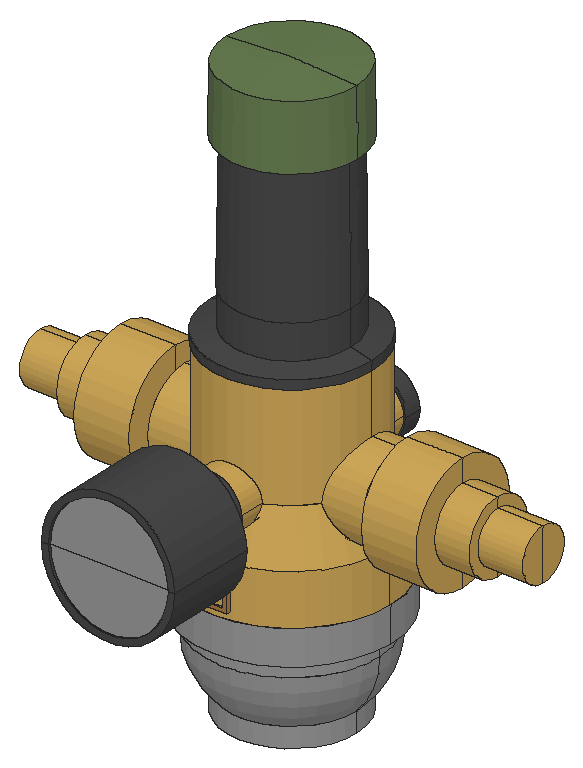
Revit family "Druckminderer mit Kunststoffkappe 2682", category Rohrzubehör, Revit 2020
Family settings
  Bemaßung runder Anschluss = Durchmesser verwenden
  Teiletyp = Unterbricht
  OmniClass-Nummer = 23.65.55.14
  OmniClass-Titel = Valves for Liquid Services
  Arbeitsebenenbasiert = Nein
  Immer vertikal = Ja
  Beim Laden mit Abzugskörper schneiden = Nein
  Gemeinsam genutzt = Nein
Parameters (values of type "Manometer vorne")
  Werkseinstellung (sekundärseitig) = 300000.0 Pa  # constant formula
  W01 = 91.00°  # constant formula
  Vorne [instance] = yes
  Vorgabe-Ansicht = 0.000 mm
  VRL03 [instance] = size_lookup("2682_K_", "VRL3", 1.000 mm, Nennweite)  # 23.500 mm
  VRL02 [instance] = size_lookup("2682_K_", "VRL2", 1.000 mm, Nennweite)  # 16.000 mm
  VRL01 [instance] = size_lookup("2682_K_", "VRL1", 1.000 mm, Nennweite)  # 73.500 mm
  VRD02 [instance] = size_lookup("2682_K_", "VRD2", 1.000 mm, Nennweite)  # 17.000 mm
  VRD01 [instance] = size_lookup("2682_K_", "VRD1", 1.000 mm, Nennweite)  # 10.500 mm
  VRAG [instance] = Nennweite / 2  # 7.500 mm
  URL = "www.herz-armaturen.at"
  Standard = "EN 1567"  # constant formula
  SC_NennweiteBerechnet = 0
  SC_Dimension = ""
  SCTWSEQ = "AW;SBT_TYP_AW=\"111\";2"
  SCTWCODE = "04;24;02"  # constant formula
  S02 = 10.000 mm  # constant formula
  S01 [instance] = VRD02 * 2  # 34.000 mm
  R07 [instance] = R05 + 0.800 mm  # 9.300 mm
  R06 = 19.500 mm  # constant formula
  R05 [instance] = size_lookup("2682_K_", "R5", 1.000 mm, Nennweite)  # 8.500 mm
  R04 [instance] = size_lookup("2682_K_", "R4", 1.000 mm, Nennweite)  # 18.900 mm
  R03 [instance] = size_lookup("2682_K_", "R3", 1.000 mm, Nennweite)  # 19.250 mm
  R02 [instance] = size_lookup("2682_K_", "R2", 1.000 mm, Nennweite)  # 28.750 mm
  R01 [instance] = size_lookup("2682_K_", "R1", 1.000 mm, Nennweite)  # 23.250 mm
  Oberteile = "PA6.6"  # constant formula
  Nennweite [instance] = 15.000 mm
  Membrane = "EPDM"  # constant formula
  Medium = "Wasser"  # constant formula
  Max. Vordruck (primärseitig) = 1600000.0 Pa  # constant formula
  Max. Betriebstemperatur = 40 °C  # constant formula
  Maschenweite Filter = "0.3 mm"  # constant formula
  Manometerskala = "0 - 10 bar"  # constant formula
  Manometeranschluss (beidseitig) = "1/4\" F (ISO 228-1)"
  LO01 [instance] = H02 - 2.000 mm  # 27.000 mm
  L01 [instance] = size_lookup("2682_K_", "L1", 1.000 mm, Nennweite)  # 10.600 mm
  L00 [instance] = size_lookup("2682_K_", "L", 1.000 mm, Nennweite)  # 84.000 mm
  Kappe = "PA12, transparent"  # constant formula
  Holländeranschlüsse = "Messing CW617N"  # constant formula
  Hinweis = "Gemäß Art 33 der REACH-Verordnung (EG Nr. 1907/2006) sind wir verpflichtet, darauf hinzuweisen, dass der Stoff Blei auf der SVHC-Liste geführt wird und dass alle aus Messing bestehenden Bauteile, die in unseren Erzeugnissen verarbeitet sind, mehr als 0,1 % (w/w) Blei (CAS: 7439-92-1 / EINECS: 231-100-4) enthalten.\r\nDa Blei als Legierungsbestandteil fest gebunden ist, sind keine Expositionen zu erwarten und daher sind keine zusätzlichen Angaben zur sicheren Verwendung notwendig."
  Hinten [instance] = no
  Hersteller = "HERZ Armaturen Ges.m.b.H."  # constant formula
  Handgriff = "PA 6.6, grün"  # constant formula
  H12 [instance] = size_lookup("2682_K_", "H12", 1.000 mm, Nennweite)  # 5.800 mm
  H11 [instance] = size_lookup("2682_K_", "H11", 1.000 mm, Nennweite)  # 10.000 mm
  H10 [instance] = size_lookup("2682_K_", "H10", 1.000 mm, Nennweite)  # 37.000 mm
  H09 [instance] = H01 + H04 - H05  # 84.500 mm
  H08 [instance] = size_lookup("2682_K_", "H8", 1.000 mm, Nennweite)  # 20.000 mm
  H07 [instance] = size_lookup("2682_K_", "H7", 1.000 mm, Nennweite)  # 10.000 mm
  H06 [instance] = size_lookup("2682_K_", "H6", 1.000 mm, Nennweite)  # 2.500 mm
  H05 [instance] = size_lookup("2682_K_", "H5", 1.000 mm, Nennweite)  # 4.700 mm
  H04 [instance] = size_lookup("2682_K_", "H4", 1.000 mm, Nennweite)  # 58.700 mm
  H03 [instance] = D02 + 1.000 mm  # 14.220 mm
  H02 [instance] = size_lookup("2682_K_", "H2", 1.000 mm, Nennweite)  # 29.000 mm
  H01 [instance] = size_lookup("2682_K_", "H1", 1.000 mm, Nennweite)  # 30.500 mm
  Gehäuse (DN32-DN50) = "Gussmessing (EN 1982; CC770S)"  # constant formula
  Gehäuse (DN15-DN25) = "geschmiedetes Messing (EN 12165; CW626N)"  # constant formula
  GT1 [instance] = size_lookup("2682_K_", "GT1", 1.000 mm, Nennweite)  # 12.000 mm
  GT [instance] = size_lookup("2682_K_", "GT", 1.000 mm, Nennweite)  # 13.200 mm
  Filter = "Edelstahl"  # constant formula
  Federführung = "Edelstahl"  # constant formula
  Feder = "Federstahl"  # constant formula
  Einstellbereich (sekundärseitig) = "1.5 - 6 bar"  # constant formula
  Dichtung im Druckreduziererelement = "EPDM"  # constant formula
  Dichtung der Holländeranschlüsse = "Klingersil C-4324"  # constant formula
  D09 [instance] = size_lookup("2682_K_", "D9", 1.000 mm, Nennweite)  # 19.000 mm
  D08 [instance] = size_lookup("2682_K_", "D8", 1.000 mm, Nennweite)  # 25.800 mm
  D07 [instance] = size_lookup("2682_K_", "D7", 1.000 mm, Nennweite)  # 29.000 mm
  D06 [instance] = size_lookup("2682_K_", "D6", 1.000 mm, Nennweite)  # 16.000 mm
  D05 [instance] = size_lookup("2682_K_", "D5", 1.000 mm, Nennweite)  # 16.800 mm
  D04 [instance] = size_lookup("2682_K_", "D4", 1.000 mm, Nennweite)  # 17.300 mm
  D03 [instance] = size_lookup("2682_K_", "D3", 1.000 mm, Nennweite)  # 23.500 mm
  D02 [instance] = size_lookup("2682_K_", "D2", 1.000 mm, Nennweite)  # 13.220 mm
  D01 [instance] = size_lookup("2682_K_", "D1", 1.000 mm, Nennweite)  # 9.525 mm
  Bestellnummer [instance] = size_lookup("2682_K_", "Artnr", 0, Nennweite)  # 1268211
  B03 = 5.000 mm  # constant formula
  B02 = 26.000 mm  # constant formula
  B01 [instance] = size_lookup("2682_K_", "B1", 1.000 mm, Nennweite)  # 30.000 mm
  B00 [instance] = size_lookup("2682_K_", "B", 1.000 mm, Nennweite)  # 67.000 mm
  Außengewinde = "gemäß ISO 7-1 und ISO228"  # constant formula
  Anwendung = "Typischerweise dient der Druckreduzierer dazu, Installationen beziehungsweise Anlagen vor zu hohem Druck zu schützen.\r\nWeiters können Druckreduzierer in Heizungsanlagen eingesetzt werden, um zu hohe Drücke im Boiler zu verhindern.\r\nDer Druck nach dem Druckreduzierer ist im angegebenen Bereich einstellbar und steht nicht im Zusammenhang mit dem Vordruck.\r\nUm den Druck nach dem Druckreduzierer zu steigern, muss der Handgriff im Uhrzeigersinn gedreht werden.\r\nDurch das Einstellen von Drücken, welche die vorgegebene Skala überschreiten, können Schäden am Druckreduzierer entstehen.\r\nWir empfehlen einen maximalen Hinterdruck sekundärseitig von 4 bar für Anlagen in privaten Haushalten (lange Produktlebensdauer, geringe Kosten).\r\nNach jeder Änderung des Einstellwertes muss die Ausgangsseite druckentlastet werden, zum Beispiel durch Wasserzapfen."
Types (3, lengths in mm): name | Vorne | Hinten
  (no name) | yes | no
  Manometer vorne | yes | no
  Manometer hinten | no | yes
Reference planes
  plane 1 "Mitte (Vorne/hinten)": y = 0
  plane 2: z = 0
  plane 3 "Mitte (Links/rechts)": x = 0
Forms (mm)
  Revolve 1, solid, material "Messing, weicher Gelbton, geschweißt", detail levels fine
    sketch origin (0, 0, 0) x (1, 0, 0) y (0, 0, 1)
      loop
        line (-42, 0) -> (42, 0) -> (42, 9.525) -> (31.4, 9.525) -> (31.4, 13.22) -> (-31.4, 13.22) -> (-31.4, 9.525) -> (-42, 9.525) -> (-42, 0)
      axis (-42, 0) -> (42, 0)
    angle from 0 to 360
  Revolve 2, solid, material "Messing, weicher Gelbton, geschweißt", detail levels fine
    sketch origin (0, 0, 0) x (1, 0, 0) y (0, 0, 1)
      loop
        line (0, -29) -> (28.75, -29) -> (28.75, -14.22) -> (23.25, 0) -> (23.25, 30.5) -> (0, 30.5) -> (0, -29)
      axis (0, 30.5) -> (0, -29)
    angle from 0 to 360
  Revolve 3, solid, material "Acetalharz, Schwarz", detail levels fine
    sketch origin (0, 0, 0) x (1, 0, 0) y (0, 0, 1)
      loop
        line (0, 30.5) -> (0, 89.2) -> (-16, 89.2) -> (-16, 84.5) -> (-16.8, 84.5) -> (-17.3, 44.5) -> (-17.3, 34.5) -> (-23.5, 33) -> (-23.5, 30.5) -> (0, 30.5)
      axis (0, 89.2) -> (0, 30.5)
    angle from 0 to 360
  Revolve 4, solid, material "Kunststoff GRÜN", detail levels fine
    sketch origin (0, 0, 0) x (1, 0, 0) y (0, 0, 1)
      loop
        line (0, 84.5) -> (19.25, 84.5) -> (18.9, 103.392)
        arc (18.9, 103.392) -> (9.466, 104.223) -> (0, 104.5) r 161.794
        line (0, 104.5) -> (0, 84.5)
      axis (0, 104.5) -> (0, 84.5)
    angle from 0 to 360
  Revolve 5, solid, material "Kunststoff, transparent", detail levels fine
    sketch origin (0, 0, 0) x (1, 0, 0) y (0, 0, 1)
      loop
        line (0, -29) -> (0, -66) -> (19, -66) -> (19, -60.2)
        arc (19, -60.2) -> (24.034, -52.577) -> (25.8, -43.615) r 23.626
        line (25.8, -43.615) -> (25.8, -39) -> (29, -39) -> (29, -29) -> (0, -29)
      axis (0, -29) -> (0, -66)
    angle from 0 to 360
  Revolve 6, solid, material "Messing, weicher Gelbton, geschweißt", detail levels fine
    sketch origin (0, 0, 0) x (1, 0, 0) y (0, 0, 1)
      loop
        line (34, 9.525) -> (46, 9.525) -> (46, 0) -> (73.5, 0) -> (73.5, 7.5) -> (60.3, 7.5) -> (60.3, 10.5) -> (50, 10.5) -> (50, 17) -> (34, 17) -> (34, 9.525)
      loop
        line (-34, 9.525) -> (-34, 17) -> (-50, 17) -> (-50, 10.5) -> (-60.3, 10.5) -> (-60.3, 7.5) -> (-73.5, 7.5) -> (-73.5, 0) -> (-46, 0) -> (-46, 9.525) -> (-34, 9.525)
      axis (-73.5, 0) -> (73.5, 0)
    angle from 0 to 360
  Revolve 7, solid, material "Messing, weicher Gelbton, geschweißt", detail levels fine
    sketch origin (0, 0, 0) x (1, 0, 0) y (0, 1, 0)
      loop
        line (0, 30) -> (0, -30) -> (8.5, -30) -> (8.5, 30) -> (0, 30)
      axis (0, 30) -> (0, -30)
    angle from 0 to 360
  Revolve 8, solid, material "Acetalharz, Schwarz", visible <- "Vorne", detail levels fine
    sketch origin (0, 0, 0) x (1, 0, 0) y (0, 1, 0)
      loop
        line (0, -30) -> (0, -65) -> (17.5, -65) -> (17.5, -67) -> (19.5, -67) -> (19.5, -41) -> (9.3, -41) -> (9.3, -30) -> (0, -30)
      axis (0, -30) -> (0, -67)
    angle from 0 to 360
  Revolve 9, solid, material "Acetalharz, Schwarz", visible <- "Vorne", detail levels fine
    sketch origin (0, 0, 0) x (1, 0, 0) y (0, 1, 0)
      loop
        line (0, 30) -> (9.3, 30) -> (9.3, 35) -> (0, 35) -> (0, 30)
      axis (0, 35) -> (0, 30)
    angle from 0 to 360
  Revolve 10, solid, material "Acetalharz, Schwarz", visible <- "Hinten", detail levels fine
    sketch origin (0, 0, 0) x (1, 0, 0) y (0, -1, 0)
      loop
        line (0, 30) -> (9.3, 30) -> (9.3, 35) -> (0, 35) -> (0, 30)
      axis (0, 35) -> (0, 30)
    angle from 0 to 360
  Revolve 11, solid, material "Acetalharz, Weiß", visible <- "Vorne", detail levels fine
    sketch origin (0, 0, 0) x (1, 0, 0) y (0, 1, 0)
      loop
        line (0, -65) -> (0, -66.5) -> (17.5, -66.5) -> (17.5, -65) -> (0, -65)
      axis (0, -65) -> (0, -66.5)
    angle from 0 to 360
  Revolve 12, solid, material "Acetalharz, Schwarz", visible <- "Hinten", detail levels fine
    sketch origin (0, 0, 0) x (1, 0, 0) y (0, -1, 0)
      loop
        line (0, -30) -> (0, -65) -> (17.5, -65) -> (17.5, -67) -> (19.5, -67) -> (19.5, -41) -> (9.3, -41) -> (9.3, -30) -> (0, -30)
      axis (0, -30) -> (0, -67)
    angle from 0 to 360
  Revolve 13, solid, material "Acetalharz, Weiß", visible <- "Hinten", detail levels fine
    sketch origin (0, 0, 0) x (1, 0, 0) y (0, -1, 0)
      loop
        line (0, -65) -> (0, -66.5) -> (17.5, -66.5) -> (17.5, -65) -> (0, -65)
      axis (0, -65) -> (0, -66.5)
    angle from 0 to 360
Lines and regions (mm)
  model lines, detail levels coarse+medium
    curve 1: line (-42, 0, -17) -> (-42, 0, 17)
    curve 2: line (-42, 0, 17) -> (42, 0, -34)
    curve 3: line (42, 0, -34) -> (42, 0, 34)
    curve 4: line (42, 0, 34) -> (-42, 0, -17)
    curve 5: line (-42, 0, 17) -> (-52, 0, 17)
    curve 6: line (-52, 0, 17) -> (-42, 0, 0)
    curve 7: line (-42, 0, -17) -> (-52, 0, -17)
    curve 8: line (-52, 0, -17) -> (-42, 0, 0)
    curve 9: line (-42, 0, 0) -> (-73.5, 0, 0)
    curve 10: line (42, 0, 17) -> (52, 0, 17)
    curve 11: line (52, 0, 17) -> (42, 0, 0)
    curve 12: line (42, 0, -17) -> (52, 0, -17)
    curve 13: line (52, 0, -17) -> (42, 0, 0)
    curve 14: line (42, 0, 0) -> (73.5, 0, 0)
    curve 15: line (-42, -17, 0) -> (-42, 17, 0)
    curve 16: line (-42, 17, 0) -> (42, -34, 0)
    curve 17: line (42, -34, 0) -> (42, 34, 0)
    curve 18: line (42, 34, 0) -> (-42, -17, 0)
    curve 19: line (-42, 17, 0) -> (-52, 17, 0)
    curve 20: line (-52, 17, 0) -> (-42, 0, 0)
    curve 21: line (-42, -17, 0) -> (-52, -17, 0)
    curve 22: line (-52, -17, 0) -> (-42, 0, 0)
    curve 23: line (42, 0, -17) -> (42, 0, 17)
    curve 24: line (42, 0, 17) -> (52, 0, 17)
    curve 25: line (52, 0, 17) -> (42, 0, 0)
    curve 26: line (42, 17, 0) -> (52, 17, 0)
    curve 27: line (52, 17, 0) -> (42, 0, 0)
    curve 28: line (42, -17, 0) -> (52, -17, 0)
    curve 29: line (52, -17, 0) -> (42, 0, 0)
Dimensions and locks
  equal spacing: Revolve 1 sketch curve, plane 3 "Mitte (Links/rechts)", Revolve 1 sketch curve
  "L00": Revolve 1 sketch curve to Revolve 1 sketch curve
  "L01": Revolve 1 sketch curve to Revolve 1 sketch curve  (x2)
  "D01": Revolve 1 sketch curve to Revolve 1 sketch curve  (x2)
  "D02": Revolve 1 sketch curve to plane 2
  "R01": Revolve 2 sketch curve to Revolve 2 sketch curve
  "R02": Revolve 2 sketch curve to Revolve 2 sketch curve
  "H01": Revolve 2 sketch curve to plane 2
  "H02": plane 2 to Revolve 2 sketch curve
  "H03": plane 2 to Revolve 2 sketch curve
  "H01": Revolve 3 sketch curve to plane 2
  "H04": Revolve 3 sketch curve to Revolve 3 sketch curve
  "H05": Revolve 3 sketch curve to Revolve 3 sketch curve
  "H06": Revolve 3 sketch curve to Revolve 3 sketch curve
  "H07": Revolve 3 sketch curve to Revolve 3 sketch curve
  "D03": Revolve 3 sketch curve to Revolve 3 sketch curve
  "D04": Revolve 3 sketch curve to Revolve 3 sketch curve
  "D05": Revolve 3 sketch curve to Revolve 3 sketch curve
  "D06": Revolve 3 sketch curve to Revolve 3 sketch curve
  "R03": Revolve 4 sketch curve to Revolve 4 sketch curve
  "H08": Revolve 4 sketch curve to Revolve 4 sketch curve
  "R04": Revolve 4 sketch curve to plane 3 "Mitte (Links/rechts)"
  "H09": Revolve 4 sketch curve to plane 2
  "H10": Revolve 5 sketch curve to Revolve 5 sketch curve
  "H02": plane 2 to Revolve 5 sketch curve
  "D07": Revolve 5 sketch curve to Revolve 5 sketch curve
  "H11": Revolve 5 sketch curve to Revolve 5 sketch curve
  "D08": Revolve 5 sketch curve to Revolve 5 sketch curve
  "H12": Revolve 5 sketch curve to Revolve 5 sketch curve
  "D09": Revolve 5 sketch curve to Revolve 5 sketch curve
  "VRL02": Revolve 6 sketch curve to Revolve 6 sketch curve  (x2)
  "VRL01": Revolve 6 sketch curve to plane 3 "Mitte (Links/rechts)"
  "GT": Revolve 6 sketch curve to Revolve 6 sketch curve  (x2)
  "VRL03": Revolve 6 sketch curve to Revolve 6 sketch curve  (x2)
  "D01": Revolve 6 sketch curve to plane 2  (x2)
  "GT1": Revolve 6 sketch curve to Revolve 6 sketch curve  (x2)
  "VRAG": Revolve 6 sketch curve to plane 2  (x2)
  "VRD01": Revolve 6 sketch curve to plane 2  (x2)
  "VRD02": Revolve 6 sketch curve to Revolve 6 sketch curve  (x2)
  "VRL01": plane 3 "Mitte (Links/rechts)" to Revolve 6 sketch curve
  "B01": Revolve 7 sketch curve to plane 1 "Mitte (Vorne/hinten)" to Revolve 7 sketch curve
  "R05": Revolve 7 sketch curve to Revolve 7 sketch curve
  "B00": Revolve 8 sketch curve to plane 1 "Mitte (Vorne/hinten)"
  "B01": plane 1 "Mitte (Vorne/hinten)" to Revolve 8 sketch curve
  "B02": Revolve 8 sketch curve to Revolve 8 sketch curve
  "R06": Revolve 8 sketch curve to Revolve 8 sketch curve
  "R07": Revolve 8 sketch curve to Revolve 8 sketch curve
  "R02": nested 1 to plane 1 "Mitte (Vorne/hinten)"
  "LO01": plane 2 to nested 1
  "VRD02": curve 2 to plane 2 to curve 4
  "S01": curve 4 to plane 2 to curve 3
  equal spacing: curve 3, plane 3 "Mitte (Links/rechts)", curve 1
  "L00": curve 3 to curve 1
  "S02": curve 1 to curve 6
  "S02": curve 1 to curve 8
  "VRL01": plane 3 "Mitte (Links/rechts)" to curve 9
  "S02": curve 11 to curve 3
  "S02": curve 13 to curve 3
  "VRL01": curve 14 to plane 3 "Mitte (Links/rechts)"
  "VRD02": curve 10 to plane 2 to curve 12
  equal spacing: curve 15, plane 3 "Mitte (Links/rechts)", curve 17
  "L00": curve 15 to curve 17
  "VRD02": curve 18 to plane 1 "Mitte (Vorne/hinten)" to curve 16
  "S01": curve 17 to plane 1 "Mitte (Vorne/hinten)" to curve 18
  "S02": curve 20 to curve 15
  "S02": curve 22 to curve 15
  "S02": curve 17 to curve 27
  "S02": curve 17 to curve 29
  "VRD02": curve 28 to plane 1 "Mitte (Vorne/hinten)" to curve 26
  "R07": Revolve 9 sketch curve to Revolve 9 sketch curve
  "B01": plane 1 "Mitte (Vorne/hinten)" to Revolve 9 sketch curve
  "B03": Revolve 9 sketch curve to Revolve 9 sketch curve
  "R07": Revolve 10 sketch curve to Revolve 10 sketch curve
  "B03": Revolve 10 sketch curve to Revolve 10 sketch curve
  "B01": Revolve 10 sketch curve to plane 1 "Mitte (Vorne/hinten)"
  "B02": Revolve 12 sketch curve to Revolve 12 sketch curve
  "R06": Revolve 12 sketch curve to Revolve 12 sketch curve
  "R07": Revolve 12 sketch curve to Revolve 12 sketch curve
  aligned and locked: level to plane 2
Automatic sketch dimensions
  Revolve 11 sketch curve to plane 3 "Mitte (Links/rechts)" = 0.000 mm  (x2)
  plane 3 "Mitte (Links/rechts)" to Revolve 11 sketch curve = 17.500 mm
  plane 1 "Mitte (Vorne/hinten)" to Revolve 11 sketch curve = 66.500 mm
  Revolve 11 sketch curve to Revolve 11 sketch curve = 1.500 mm
  Revolve 11 sketch curve to Revolve 11 sketch curve = 1933.500 mm
  Revolve 11 sketch curve to plane 1 "Mitte (Vorne/hinten)" = 2000.000 mm
  Revolve 13 sketch curve to plane 3 "Mitte (Links/rechts)" = 0.000 mm  (x2)
  Revolve 13 sketch curve to plane 3 "Mitte (Links/rechts)" = 17.500 mm
  plane 1 "Mitte (Vorne/hinten)" to Revolve 13 sketch curve = 66.500 mm
  Revolve 13 sketch curve to Revolve 13 sketch curve = 1.500 mm
  Revolve 13 sketch curve to Revolve 13 sketch curve = 1933.500 mm
  Revolve 13 sketch curve to plane 1 "Mitte (Vorne/hinten)" = 2000.000 mm
  curve 25 to level = 0.000 mm
  curve 14 to level = 0.000 mm
  curve 6 to level = 0.000 mm
  curve 8 to level = 0.000 mm
  curve 24 to curve 10 = 0.000 mm
  plane 1 "Mitte (Vorne/hinten)" to curve 29 = 0.000 mm
  plane 1 "Mitte (Vorne/hinten)" to curve 20 = 0.000 mm
  Revolve 1 sketch curve to level = 0.000 mm  (x2)
  Revolve 1 sketch curve to Revolve 1 sketch curve = 1464.530 mm
  Revolve 1 sketch curve to Revolve 1 sketch curve = 1797.148 mm
  Revolve 2 sketch curve to plane 3 "Mitte (Links/rechts)" = 0.000 mm  (x2)
  Revolve 2 sketch curve to level = 0.000 mm
  Revolve 2 sketch curve to Revolve 2 sketch curve = 337.045 mm
  Revolve 2 sketch curve to Revolve 2 sketch curve = 2183.815 mm
  Revolve 3 sketch curve to plane 3 "Mitte (Links/rechts)" = 0.000 mm  (x2)
  Revolve 3 sketch curve to Revolve 3 sketch curve = 1.500 mm
  Revolve 3 sketch curve to level = 366.045 mm
  Revolve 3 sketch curve to Revolve 3 sketch curve = 2125.115 mm
  Revolve 4 sketch curve to plane 3 "Mitte (Links/rechts)" = 0.000 mm  (x2)
  Revolve 4 sketch curve to level = 57.294 mm
  Revolve 4 sketch curve to Revolve 4 sketch curve = 308.751 mm
  Revolve 4 sketch curve to Revolve 4 sketch curve = 2109.815 mm
  Revolve 5 sketch curve to plane 3 "Mitte (Links/rechts)" = 0.000 mm  (x2)
  plane 3 "Mitte (Links/rechts)" to Revolve 5 sketch curve = 2.174 mm
  Revolve 5 sketch curve to Revolve 5 sketch curve = 300.045 mm
  level to Revolve 5 sketch curve = 2214.315 mm
  Revolve 6 sketch curve to level = 0.000 mm  (x3)
  Revolve 6 sketch curve to Revolve 6 sketch curve = 1433.030 mm
  Revolve 6 sketch curve to Revolve 6 sketch curve = 1765.648 mm
  Revolve 7 sketch curve to plane 3 "Mitte (Links/rechts)" = 0.000 mm  (x2)
  Revolve 7 sketch curve to Revolve 7 sketch curve = 1950.000 mm  (x2)
  Revolve 8 sketch curve to plane 3 "Mitte (Links/rechts)" = 0.000 mm  (x2)
  Revolve 8 sketch curve to Revolve 8 sketch curve = 2.000 mm  (x2)
  Revolve 8 sketch curve to Revolve 8 sketch curve = 0.000 mm
  Revolve 8 sketch curve to plane 1 "Mitte (Vorne/hinten)" = 2000.000 mm
  Revolve 9 sketch curve to plane 3 "Mitte (Links/rechts)" = 0.000 mm  (x2)
  plane 1 "Mitte (Vorne/hinten)" to Revolve 9 sketch curve = 2000.000 mm
  Revolve 9 sketch curve to Revolve 9 sketch curve = 1963.119 mm
  Revolve 10 sketch curve to plane 3 "Mitte (Links/rechts)" = 0.000 mm  (x2)
  plane 1 "Mitte (Vorne/hinten)" to Revolve 10 sketch curve = 2000.000 mm
  Revolve 10 sketch curve to Revolve 10 sketch curve = 1963.119 mm
  Revolve 12 sketch curve to plane 3 "Mitte (Links/rechts)" = 0.000 mm  (x2)
  Revolve 12 sketch curve to Revolve 12 sketch curve = 2.000 mm  (x2)
  plane 1 "Mitte (Vorne/hinten)" to Revolve 12 sketch curve = 67.000 mm
  Revolve 12 sketch curve to Revolve 12 sketch curve = 11.000 mm
  Revolve 12 sketch curve to Revolve 12 sketch curve = 0.000 mm
  Revolve 12 sketch curve to plane 1 "Mitte (Vorne/hinten)" = 2000.000 mm
Nested families
  nested 1: "Herz-Logo-vorne" at (0, -28.75, -22.5) x (0, 1, 0) z (0, 0, 1), type "Herz-Logo-vorne", detail levels fine
Connectors
  piping at (73.5, 0, 0), diameter 15, driven by "Nennweite"
    settings: on Revolve 6, index 1, connector inside diameter 609.6 mm, connector length 0.000 mm, flow factor 0, pipe flow 0.0 L/s, pressure drop 0.0 Pa, fitting loss kfactor 0, connector angle 0.00°, fixture units 0, engagement length 0.000 mm, angle of deflection 0.00°, flow configuration 0, flow direction 2, fitting loss method 0, system type 29, joint type 0, gender type 0, connector reference index -1, connector utility 0, adjustable connector no, is connector primary yes, connector description ""
  piping at (-73.5, 0, 0), diameter 15, driven by "Nennweite"
    settings: on Revolve 6, index 2, connector inside diameter 609.6 mm, connector length 0.000 mm, flow factor 0, pipe flow 0.0 L/s, pressure drop 0.0 Pa, fitting loss kfactor 0, connector angle 0.00°, fixture units 0, engagement length 0.000 mm, angle of deflection 0.00°, flow configuration 0, flow direction 1, fitting loss method 0, system type 29, joint type 0, gender type 0, connector reference index -1, connector utility 0, adjustable connector no, is connector primary no, connector description ""
Definition of nested family "Herz-Logo-vorne"
  Parameters (values of type "Herz-Logo-vorne")
    Default Elevation = 0.000 mm
  Reference planes
    plane 1 "Mitte (Vorne/hinten)": y = 0
    plane 2: z = 0
    plane 3 "Mitte (Links/rechts)": x = 0
  Forms (mm)
    Extrusion 1, solid
      sketch origin (0.732, -0.018, 0.017) x (0, -1, 0) y (0, 0, 1)
        loop
          line (-0.018, -4.517) -> (4.482, -4.517) -> (4.482, 4.483) -> (-4.518, 4.483) -> (-4.518, -4.517) -> (-0.018, -4.517)
        loop
          line (-0.05, -3.48) -> (3.482, -3.48) -> (3.482, 3.483) -> (-3.518, 3.483) -> (-3.518, -3.48) -> (-0.05, -3.48)
        loop
          arc (-0.018, 2.383) -> (-1.543, 3.287) -> (-3.067, 2.383) r 1.738
          arc (-3.067, 2.383) -> (-3.191, 1.899) -> (-3.067, 1.415) r 1.009
          line (-3.067, 1.415) -> (-0.018, -3.281) -> (3.032, 1.415)
          arc (3.032, 1.415) -> (3.156, 1.899) -> (3.032, 2.383) r 1.009
          arc (3.032, 2.383) -> (1.507, 3.287) -> (-0.018, 2.383) r 1.738
        loop
          arc (1.885, 1.272) -> (2.005, 1.675) -> (1.885, 2.079) r 0.74
          arc (1.885, 2.079) -> (1.265, 2.416) -> (0.644, 2.079) r 0.74
          line (0.644, 2.079) -> (-0.018, 0.97) -> (-0.679, 2.079)
          arc (-0.679, 2.079) -> (-1.3, 2.416) -> (-1.921, 2.079) r 0.74
          arc (-1.921, 2.079) -> (-2.04, 1.675) -> (-1.921, 1.272) r 0.74
          line (-1.921, 1.272) -> (-0.018, -1.658) -> (1.885, 1.272)
      from 0 to 1.5
  Dimensions and locks
    aligned and locked: level to plane 2
